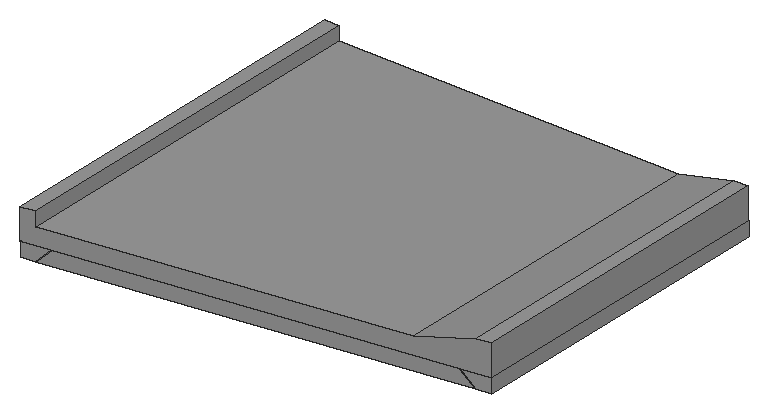
Revit family "消力池 - 一半", category 常规模型, Revit 2019
Family settings
  可将钢筋附着到主体 = 否
  圆形连接件大小 = 使用直径
  零件类型 = 标准
  基于工作平面 = 否
  总是垂直 = 是
  加载时剪切的空心 = 否
  共享 = 否
  房间计算点 = 否
Parameters
  齿墙高 = 50 cm
  齿墙材质 = 钢筋混凝土 C25
  齿墙底宽 = 50 cm
  齿墙倾角 = 45.00°
  长边宽 [instance] = 宽度 + 总长 * tan(平面扩散角)  # 1346.3302 cm
  消力池材质 = 钢筋混凝土 C25
  消力池厚度 = 60 cm
  总长 [instance] = 1498 cm
  平面扩散角 [instance] = 8.00°
  宽度 [instance] = 1135.8 cm
  型号 = "STILLING_BASIN"  # constant formula
  中间齿墙是否存在 = no
  中间齿墙下游端距下游 = 450 cm
  下游台阶高 = 50 cm
  下游台阶长 = 50 cm
  上游台阶高 = 50 cm
  上游台阶长 = 50 cm
  上游台阶斜坡长 = 200 cm
  pj [instance] = atan(cos(平面扩散角) * tan(齿墙倾角))  # 44.7198°
  mp [instance] = 中间齿墙下游端距下游 * tan(平面扩散角) + 齿墙底宽  # 113.2434 cm
  lp [instance] = 齿墙底宽 * tan(平面扩散角)  # 7.027 cm
  -j [instance] = -1 * 平面扩散角  # -8.00°
Reference planes (cm)
  plane 1 "中心(前/后)": y = 0
  plane 2: z = 0
  plane 3 "中心(左/右)": x = 0
  plane 4 "A": z = -110
  plane 5: x = -1498
  plane 6: y = -1135.8
  plane 7: y = -1346.3302
Dimensions and locks (cm)
  "总长": plane 5 to plane 3 "中心(左/右)"
  "宽度": plane 6 to plane 1 "中心(前/后)"
  "齿墙底宽": plane 5 to nested 4
  "齿墙底宽": nested 4 to plane 3 "中心(左/右)"
  "齿墙底宽": nested 6 to plane 1 "中心(前/后)"
  "长边宽": plane 7 to plane 1 "中心(前/后)"
  "中间齿墙下游端距下游": plane 5 to nested 6
  "lp": plane 7 to nested 4
  "齿墙底宽": nested 5 to plane 3 "中心(左/右)"
  "齿墙底宽": plane 5 to nested 5
  "mp": plane 7 to nested 6
  aligned and locked: level to plane 2
  aligned and locked: plane 5 to nested 2
  aligned and locked: nested 1 to plane 3 "中心(左/右)"
  aligned and locked: nested 2 to plane 7
  aligned and locked: nested 3 to plane 1 "中心(前/后)"
  aligned and locked: plane 6 to nested 3
Nested families (cm)
  nested 1: "消力池面" at (-52, 0, 0), 消力池材质 <- "消力池材质", type "消力池面"
    with 消力池材质 钢筋混凝土 C25, 总长 1498 cm, 宽度 1135.8 cm, ql 210.5302 cm, gj 13.3392°, bigw 1346.3302 cm
  nested 2: "齿墙" at (-1498, 0, -110) x (0, -1, 0) z (0, 0, 1), type "齿墙下游"
    with built-in parameter 1001306 44.171 (stored number, unit not read), zy 0 cm, zx 50 cm, zrx 50 cm, w_all 100 cm, rqy 200 cm, rqp 113.9173 cm, rpp 0 cm, rp 0 cm, qry 100 cm, qrx 14.0541 cm, qly 100 cm, qlx 0 cm, lqy 200 cm, lqp 50 cm
  nested 3: "齿墙" at (0, -1135.8, -110) x (0, 1, 0) z (0, 0, 1), type "齿墙上游"
    with built-in parameter 1001306 37.264 (stored number, unit not read), zy 0 cm, zx 14.0541 cm, zrx 50 cm, w_all 100 cm, rqy 200 cm, rqp 100 cm, rpp 0 cm, rp 0 cm, qry 100 cm, qrx 0 cm, qly 100 cm, qlx 14.0541 cm, lqy 200 cm, lqp 63.9173 cm
  nested 4: "齿墙" at (-1448, -1339.3031, -110), type "齿墙左岸"
    with built-in parameter 1001306 45.866 (stored number, unit not read), zy 7.027 cm, zx 50 cm, zrx 50 cm, w_all 100 cm, rqy 200 cm, rqp 100 cm, rpp 196.4761 cm, rp 210.5302 cm, qry 100 cm, qrx 0 cm, qly 100 cm, qlx 0 cm, lqy 417.5572 cm, lqp 50 cm
  nested 5: "齿墙" at (-50, 0, -110) x (-1, 0, 0) z (0, 0, 1), type "齿墙轴线位置"
    with built-in parameter 1001306 45.866 (stored number, unit not read), zy 0 cm, zx 50 cm, zrx 50 cm, w_all 100 cm, rqy 200 cm, rqp 100 cm, rpp 0 cm, rp 0 cm, qry 100 cm, qrx 0 cm, qly 100 cm, qlx 0 cm, lqy 200 cm, lqp 50 cm
  nested 6: "齿墙" at (-1048, -50, -110) x (0, -1, 0) z (0, 0, 1), visible <- "中间齿墙是否存在", type "齿墙中间"
    with built-in parameter 1001306 38.815 (stored number, unit not read), zy 0 cm, zx 50 cm, zrx 50 cm, w_all 150 cm, rqy 250 cm, rqp 120.876 cm, rpp 0 cm, rp 0 cm, qry 100 cm, qrx 14.0541 cm, qly 100 cm, qlx 0 cm, lqy 300 cm, lqp 50 cm
Definition of nested family "消力池面"
  Parameters (values of type "消力池面")
    远侧台阶平台长 = 50 cm
    远侧台阶高度 = 50 cm
    近侧台阶高度 = 50 cm
    近侧台阶斜坡长度 = 200 cm
    近侧台阶平台长 = 50 cm
    消力池材质 [instance] = none
    消力池厚度 = 60 cm
    总长 = 998 cm
    平面扩散角 = 8.00°
    宽度 = 1138 cm
    ql = 总长 * tan(平面扩散角)  # 140.2598 cm
    gj = 平面扩散角 + atan(140 cm / 总长)  # 15.9854°
    bigw = 宽度 + ql  # 1278.2598 cm
  Reference planes (cm)
    plane 1 "中心(前/后)": y = 0
    plane 2: z = 0
    plane 3 "中心(左/右)": x = 52
    plane 4: x = 2
    plane 5: x = -198
    plane 6: z = -50
    plane 7: x = -896
    plane 8: z = -110
    plane 9: x = -946
    plane 10: y = -1278.2598
    plane 11: x = -946
    plane 12: y = -1418.5195
  Forms (cm)
    Extrusion 1, solid, material <- "消力池材质"
      sketch origin (0, 0, 0) x (1, 0, 0) y (0, 0, 1)
        loop
          line (-896, 0) -> (-946, 0) -> (-946, -110) -> (52, -110) -> (52, 0) -> (2, 0) -> (-198, -50) -> (-896, -50) -> (-896, 0)
      from 0 to 1278.2598
    Extrusion 2, void
      sketch origin (0, 0, 0) x (1, 0, 0) y (0, 1, 0)
        loop
          line (-946, -1278.2598) -> (52, -1418.5195) -> (52, -1138.2598) -> (-946, -1278.2598)
      from -110 to 0
  Cuts and joins
    Extrusion 2 cuts Extrusion 1
  Lines and regions (cm)
    reference lines
      curve 1: line (5102.7858, 1390.2252, 0) -> (5102.7858, 1370.2252, 0)
  Dimensions and locks (cm)
    "近侧台阶平台长": plane 3 "中心(左/右)" to plane 4
    "近侧台阶斜坡长度": plane 5 to plane 4
    "近侧台阶高度": Extrusion 1 sketch curve to plane 6
    "远侧台阶高度": Extrusion 1 sketch curve to plane 6
    "消力池厚度": plane 6 to plane 8
    "总长": plane 3 "中心(左/右)" to plane 9
    "远侧台阶平台长": plane 9 to plane 7
    "bigw": plane 10 to plane 1 "中心(前/后)"
    "总长": plane 11 to plane 3 "中心(左/右)"
    locked: plane 10 to plane 12 at 140.2598
    "gj": angle Extrusion 2 sketch curve to Extrusion 2 sketch curve
    aligned and locked: level to plane 2
    aligned and locked: plane 4 to Extrusion 1 sketch curve
    aligned and locked: plane 7 to Extrusion 1 sketch curve
    aligned and locked: Extrusion 1 sketch curve to plane 8
    aligned and locked: plane 9 to Extrusion 1 sketch curve
    aligned and locked: Extrusion 1 to plane 1 "中心(前/后)"
    aligned and locked: Extrusion 1 to plane 10
    aligned and locked: plane 12 to Extrusion 2 sketch curve
    aligned and locked: plane 11 to Extrusion 2 sketch curve
    aligned and locked: plane 10 to Extrusion 2 sketch curve
    aligned and locked: Extrusion 2 sketch curve to plane 3 "中心(左/右)"
    aligned and locked: level to Extrusion 2
    aligned and locked: Extrusion 2 to Extrusion 1
  Automatic sketch dimensions
    plane 3 "中心(左/右)" to curve 1 = 5050.7858 cm
    curve 1 to curve 1 = 20 cm
    curve 1 to plane 1 "中心(前/后)" = 1370.2252 cm
    plane 5 to Extrusion 1 sketch curve = 0 cm
    Extrusion 1 sketch curve to plane 3 "中心(左/右)" = 0 cm
    Extrusion 1 sketch curve to plane 6 = 0 cm
Definition of nested family "齿墙"
  Parameters (values of type "中间齿墙")
    齿墙材质 = none
    高 = 50 cm
    built-in parameter 1001306 [instance] = 1200 cm
    整体倾斜角 = 0.00°
    底宽 = 86 cm
    截面左倾角 = 60.00°
    截面右倾角 = 60.00°
    左端竖切倾角 = 0.00°
    zrx [instance] = if(右端倾斜角 < 0.00°, w_all * tan(整体倾斜角 - 右端倾斜角), 50 cm)  # 50 cm
    rqy [instance] = w_all + 100 cm  # 359.2051 cm
    rpp [instance] = [built-in parameter 1001306] * tan(整体倾斜角)  # 0 cm
    qry [instance] = if(右端倾斜角 < 0.00°, 0 cm, 100 cm)  # 100 cm
    qrx [instance] = if(右端倾斜角 < 0.00°, 0 cm, qry * tan(右端倾斜角))  # 173.2051 cm
    lqy [instance] = 2 * w_all + rp + zy  # 518.4102 cm
    左端倾斜角 = 0.00°
    右端竖切倾角 = 59.00°
    右端倾斜角 = 60.00°
    zy [instance] = zx * tan(整体倾斜角)  # 0 cm
    zx [instance] = if(左端倾斜角 < 0.00°, -1 * w_all * tan(左端倾斜角), 50 cm)  # 50 cm
    w_all [instance] = 底宽 + if(截面左倾角 = 90.00°, 0 cm, 高 * tan(截面左倾角)) + if(截面右倾角 = 90.00°, 0 cm, 高 * tan(截面右倾角))  # 259.2051 cm
    rqp [instance] = w_all * sin(abs(右端倾斜角)) + 100 cm  # 324.4782 cm
    rp [instance] = ([built-in parameter 1001306] + zx + zrx) * tan(整体倾斜角)  # 0 cm
    qly [instance] = if(左端倾斜角 > 0.00°, 0 cm, 100 cm)  # 100 cm
    qlx [instance] = if(左端倾斜角 > 0.00°, 0 cm, -1 * qly * tan(左端倾斜角))  # 0 cm
    lqp [instance] = (w_all + zy) * sin(abs(左端倾斜角)) + 50 cm  # 50 cm
  Types (6, lengths in cm): name | 整体倾斜角 | 底宽 | 截面左倾角 | 截面右倾角 | 左端竖切倾角 | rqy | rpp | qrx | lqy | 左端倾斜角 | 右端竖切倾角 | 右端倾斜角 | zy | zx | w_all | rqp | rp | qlx | lqp
    中间齿墙 | 0.00° | 86 | 60.00° | 60.00° | 0.00° | 359.2051 | 0 | 173.2051 | 518.4102 | 0.00° | 59.00° | 60.00° | 0 | 50 | 259.2051 | 324.4782 | 0 | 0 | 50
    齿墙中间 | 0.00° | 50 | 45.00° | 45.00° | 45.00° | 250 | 0 | 14.0541 | 300 | 0.00° | 44.7198° | 8.00° | 0 | 50 | 150 | 120.876 | 0 | 0 | 50
    齿墙轴线位置 | 0.00° | 50 | 45.00° | 90.00° | 45.00° | 200 | 0 | 0 | 200 | 0.00° | 45.00° | 0.00° | 0 | 50 | 100 | 100 | 0 | 0 | 50
    齿墙左岸 | 8.00° | 50 | 45.00° | 90.00° | 45.00° | 200 | 168.649 | 0 | 389.7301 | 0.00° | 45.00° | 0.00° | 7.027 | 50 | 100 | 100 | 182.7031 | 0 | 50
    齿墙下游 | 0.00° | 50 | 45.00° | 90.00° | 0.00° | 200 | 0 | 14.0541 | 200 | 0.00° | 0.00° | 8.00° | 0 | 50 | 100 | 113.9173 | 0 | 0 | 50
    齿墙上游 | 0.00° | 50 | 45.00° | 90.00° | 0.00° | 200 | 0 | 0 | 200 | -8.00° | 0.00° | 0.00° | 0 | 14.0541 | 100 | 100 | 0 | 14.0541 | 63.9173
  Reference planes (cm)
    plane 1 "中心(前/后)": y = 0
    plane 2: z = 0
    plane 3 "左": x = 0
    plane 4 "右": x = 1200
    plane 5: z = -50
    plane 6: z = -50
    plane 7: y = 0
    plane 8: y = 0
    plane 9: x = -50
    plane 10: y = -100
    plane 11: x = 0
    plane 12: x = 1250
    plane 13: y = 518.4102
    plane 14: y = -100
    plane 15: x = 1373.2051
    plane 16: y = 359.2051
  Forms (cm)
    SweptBlend 1, solid, material <- "齿墙材质"
      path in 3D
        loop
          line (-50, 0, 0) -> (1250, 0, 0)
      profile "齿墙轮廓 : 齿墙轮廓左" origin (-50, 0, 0) x (0, 1, 0) y (0, 0, 1)
        loop
          line (172.6025, -50) -> (259.2051, 0) -> (0, 0) -> (86.6025, -50) -> (172.6025, -50)
      end profile "齿墙轮廓 : 齿墙轮廓右" origin (1250, 0, 0) x (0, 1, 0) y (0, 0, 1)
        loop
          line (172.6025, -50) -> (259.2051, 0) -> (0, 0) -> (86.6025, -50) -> (172.6025, -50)
    Sweep 2, void
      path in 3D
        loop
          line (0, -100, 0) -> (0, 518.4102, 0)
      profile "剪切轮廓 : 剪切轮廓" origin (0, 209.2051, 0) x (-1, 0, 0) y (0, 0, 1)
        loop
          line (50, 0) -> (0, 0) -> (0, -50) -> (50, -50) -> (50, 0)
    Sweep 3, void
      path in 3D
        loop
          line (1373.2051, -100, 0) -> (577.8385, 359.2051, 0)
      profile "剪切轮廓 : 剪切轮廓右" origin (975.5218, 129.6025, 0) x (-0.5, -0.866025, 0) y (0, 0, 1)
        loop
          line (-324.4782, 0) -> (-324.4782, -50) -> (0, -50) -> (83.214, 0) -> (-324.4782, 0)
  Cuts and joins
    Sweep 2, Sweep 3 cuts SweptBlend 1
  Lines and regions (cm)
    reference lines
      curve 1: line (0, 0, 0) -> (1200, 0, 0)
      curve 2: line (0, -100, 0) -> (0, 518.4102, 0)
      curve 3: line (-50, 0, 0) -> (1250, 0, 0)
      curve 6: line (1373.2051, -100, 0) -> (577.8385, 359.2051, 0)
    sketch lines
      curve 4: line (-50, 0, 0) -> (1250, 0, 0)
      curve 5: line (0, -100, 0) -> (0, 518.4102, 0)
      curve 7: line (1373.2051, -100, 0) -> (577.8385, 359.2051, 0)
  Dimensions and locks (cm)
    "built-in parameter 1001306": plane 3 "左" to plane 4 "右"
    "高": level to plane 5
    "高": plane 2 to plane 6
    "rpp": plane 1 "中心(前/后)" to plane 7
    "zy": plane 8 to plane 1 "中心(前/后)"
    "zx": plane 9 to plane 3 "左"
    "qly": plane 1 "中心(前/后)" to plane 10
    "qlx": plane 3 "左" to plane 11
    "zrx": plane 4 "右" to plane 12
    "lqy": plane 8 to plane 13
    "qry": plane 7 to plane 14
    "qrx": plane 4 "右" to plane 15
    "rqy": plane 16 to plane 7
    "左端倾斜角": angle curve 2 to plane 11
    "右端倾斜角": angle plane 15 to curve 6
    aligned and locked: level to plane 2
    aligned and locked: plane 11 to curve 2
    aligned and locked: plane 10 to curve 2
    aligned and locked: plane 13 to curve 2
    aligned and locked: curve 3 to plane 8
    aligned and locked: plane 9 to curve 3
    aligned and locked: plane 12 to curve 3
    aligned and locked: plane 15 to curve 6
    aligned and locked: plane 14 to curve 6
    aligned and locked: plane 16 to curve 6
  Automatic sketch dimensions
    plane 1 "中心(前/后)" to curve 1 = 0 cm
    curve 1 to plane 4 "右" = 0 cm
